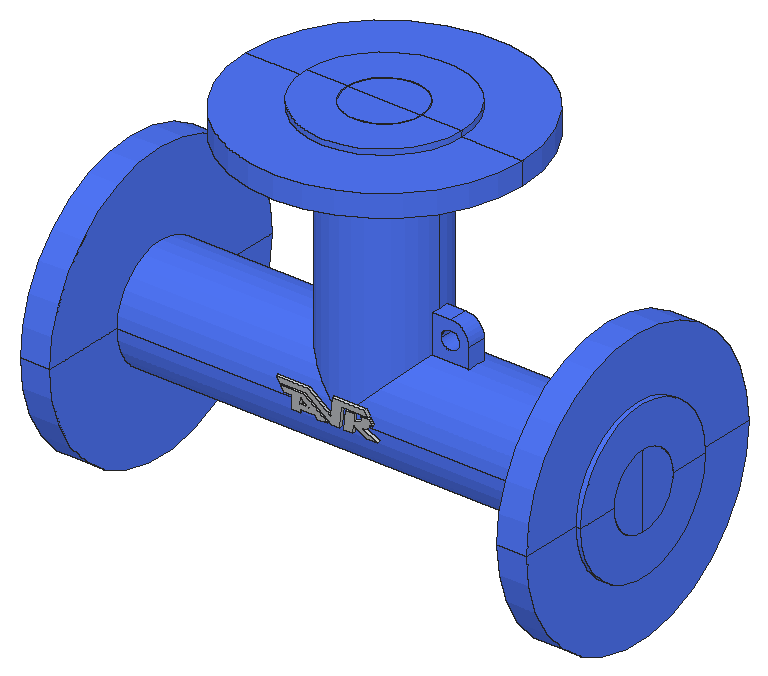
Revit family "712-1020-001-DN40-300", category Pipe Accessories, Revit 2019
Family settings
  Round Connector Dimension = Use Diameter
  Part Type = Valve - Breaks Into
  Work Plane-Based = No
  Always vertical = Yes
  Cut with Voids When Loaded = No
  Shared = No
Parameters (values of type "712-0040-10-201_DN40_PN10/16")
  Search_Table = "712-1020-001-DN40-300"
  Rib = if([Nominal Diameter (DN)] > 249.00 mm, 30.00 mm, if([Nominal Diameter (DN)] > 199.00 mm, 25.00 mm, if([Nominal Diameter (DN)] > 149.00 mm, 20.00 mm, if([Nominal Diameter (DN)] > 124.00 mm, 15.00 mm, if([Nominal Diameter (DN)] > 79.00 mm, 10.00 mm, 10.00 mm)))))  # 10.00 mm
  Rf_Dia = size_lookup(Search_Table, "Rf_Dia", 0.00 mm, [Nominal Diameter (DN)]) / 2  # 42.00 mm
  RF_Thick = 3.00 mm  # constant formula
  L = size_lookup(Search_Table, "L", 0.00 mm, [Nominal Diameter (DN)])  # 280.00 mm
  ID2 = DN2 / 2  # 20.00 mm
  ID = [Nominal Diameter (DN)] / 2  # 20.00 mm
  Hook_2 = ID2 + Body_wallthickness + 20.00 mm  # 50.00 mm
  Hook = ID + Body_wallthickness + 20.00 mm  # 50.00 mm
  H = size_lookup(Search_Table, "H", 0.00 mm, [Nominal Diameter (DN)])  # 140.00 mm
  Flange_thickness = size_lookup(Search_Table, "Flange_thickness", 0.00 mm, [Nominal Diameter (DN)])  # 19.00 mm
  Nominal Diameter (DN) = 40.00 mm
  FOD = size_lookup(Search_Table, "FOD", 0.00 mm, [Nominal Diameter (DN)]) / 2  # 75.00 mm
  URL product pages = "https://www.avkvalves.com/P.aspx?no=712004010201"
  Description_ = "AVK FLANGED TEE W/LOOSE FLANGES"
  DN2 = size_lookup(Search_Table, "DN2", 0.00 mm, [Nominal Diameter (DN)])  # 40.00 mm
  712-0306-10-201 = "DN300_PN10/16"
  712-0306-10-200 = "DN300_PN10/16"
  712-0305-10-201 = "DN300_PN10/16"
  712-0305-10-200 = "DN300_PN10/16"
  712-0303-10-201 = "DN300_PN10/16"
  712-0303-10-200 = "DN300_PN10/16"
  712-0302-10-201 = "DN300_PN10/16"
  712-0302-10-200 = "DN300_PN10/16"
  712-0301-10-201 = "DN300_PN10/16"
  712-0301-10-200 = "DN300_PN10/16"
  712-0300-10-201 = "DN300_PN10/16"
  712-0300-10-200 = "DN300_PN10/16"
  712-0256-10-201 = "DN250_PN10/16"
  712-0256-10-200 = "DN250_PN10/16"
  712-0255-10-201 = "DN250_PN10/16"
  712-0255-10-200 = "DN250_PN10/16"
  712-0254-10-201 = "DN250_PN10/16"
  712-0254-10-200 = "DN250_PN10/16"
  712-0253-10-201 = "DN250_PN10/16"
  712-0253-10-200 = "DN250_PN10/16"
  712-0252-10-201 = "DN250_PN10/16"
  712-0252-10-200 = "DN250_PN10/16"
  712-0251-10-201 = "DN250_PN10/16"
  712-0251-10-200 = "DN250_PN10/16"
  712-0250-10-201 = "DN250_PN10/16"
  712-0250-10-200 = "DN250_PN10/16"
  712-0207-10-200 = "DN200_PN10/16"
  712-0206-10-201 = "DN200_PN10/16"
  712-0206-10-200 = "DN200_PN10/16"
  712-0205-10-201 = "DN200_PN10/16"
  712-0205-10-200 = "DN200_PN10/16"
  712-0204-10-201 = "DN200_PN10/16"
  712-0204-10-200 = "DN200_PN10/16"
  712-0203-10-201 = "DN200_PN10/16"
  712-0203-10-200 = "DN200_PN10/16"
  712-0202-10-201 = "DN200_PN10/16"
  712-0202-10-200 = "DN200_PN10/16"
  712-0201-10-201 = "DN200_PN10/16"
  712-0201-10-200 = "DN200_PN10/16"
  712-0200-10-201 = "DN200_PN10/16"
  712-0200-10-200 = "DN200_PN10/16"
  712-0156-10-201 = "DN150_PN10/16"
  712-0155-10-201 = "DN150_PN10/16"
  712-0154-10-201 = "DN150_PN10/16"
  712-0153-10-201 = "DN150_PN10/16"
  712-0152-10-201 = "DN150_PN10/16"
  712-0151-10-201 = "DN150_PN10/16"
  712-0150-10-201 = "DN150_PN10/16"
  712-0130-10-201 = "DN125_PN10/16"
  712-0129-10-201 = "DN125_PN10/16"
  712-0128-10-201 = "DN125_PN10/16"
  712-0127-10-201 = "DN125_PN10/16"
  712-0126-10-201 = "DN125_PN10/16"
  712-0125-10-201 = "DN125_PN10/16"
  712-0104-10-201 = "DN100_PN10/16"
  712-0103-10-201 = "DN100_PN10/16"
  712-0102-10-201 = "DN100_PN10/16"
  712-0101-10-201 = "DN100_PN10/16"
  712-0100-10-201 = "DN100_PN10/16"
  712-0083-10-201 = "DN80_PN10/16"
  712-0082-10-201 = "DN80_PN10/16"
  712-0081-10-201 = "DN80_PN10/16"
  712-0080-10-201 = "DN80_PN10/16"
  712-0067-10-201 = "DN65_PN10/16"
  712-0066-10-201 = "DN65_PN10/16"
  712-0065-10-201 = "DN65_PN10/16"
  712-0051-10-201 = "DN50_PN10/16"
  712-0050-10-201 = "DN50_PN10/16"
  712-0040-10-201 = "DN40_PN10/16"
  Ch = (Rf_Dia + ID) / 2  # 31.00 mm
  Body_wallthickness = 10.00 mm  # constant formula
Types (70, lengths in mm): name | Rib | Rf_Dia | L | ID2 | ID | Hook_2 | Hook | H | Flange_thickness | Nominal Diameter (DN) | FOD | URL product pages | Description_ | DN2 | Ch
  (no name) | 10.00 | 42.00 | 280.00 | 20.00 | 20.00 | 50.00 | 50.00 | 140.00 | 19.00 | 40.00 | 75.00 | "https://www.avkvalves.com/P.aspx?no=712004010201" | "AVK FLANGED TEE W/LOOSE FLANGES" | 40.00 | 31.00
  712-0040-10-201_DN40_PN10/16 | 10.00 | 42.00 | 280.00 | 20.00 | 20.00 | 50.00 | 50.00 | 140.00 | 19.00 | 40.00 | 75.00 | "https://www.avkvalves.com/P.aspx?no=712004010201" | "AVK FLANGED TEE W/LOOSE FLANGES" | 40.00 | 31.00
  712-0050-10-201_DN50_PN10/16 | 10.00 | 49.50 | 300.00 | 25.00 | 25.00 | 55.00 | 55.00 | 150.00 | 19.00 | 50.00 | 82.50 | "https://www.avkvalves.com/P.aspx?no=712004010201" | "AVK FLANGED TEE W/LOOSE FLANGES" | 50.00 | 37.25
  712-0051-10-201_DN50_PN10/16 | 10.00 | 49.50 | 300.00 | 20.00 | 25.05 | 50.00 | 55.05 | 140.00 | 19.00 | 50.10 | 82.50 | "https://www.avkvalves.com/P.aspx?no=712004010201" | "AVK FLANGED TEE W/LOOSE FLANGES" | 40.00 | 37.275
  712-0065-10-201_DN65_PN10/16 | 10.00 | 59.00 | 320.00 | 32.50 | 32.50 | 62.50 | 62.50 | 160.00 | 19.00 | 65.00 | 92.50 | "https://www.avkvalves.com/P.aspx?no=712004010201" | "AVK FLANGED TEE W/LOOSE FLANGES" | 65.00 | 45.75
  712-0066-10-201_DN65_PN10/16 | 10.00 | 59.00 | 330.00 | 25.00 | 32.55 | 55.00 | 62.55 | 150.00 | 19.00 | 65.10 | 92.50 | "https://www.avkvalves.com/P.aspx?no=712004010201" | "AVK FLANGED TEE W/LOOSE FLANGES" | 50.00 | 45.775
  712-0067-10-201_DN65_PN10/16 | 10.00 | 59.00 | 300.00 | 20.00 | 32.60 | 50.00 | 62.60 | 130.00 | 19.00 | 65.20 | 92.50 | "https://www.avkvalves.com/P.aspx?no=712004010201" | "AVK FLANGED TEE W/LOOSE FLANGES" | 40.00 | 45.80
  712-0080-10-201_DN80_PN10/16 | 10.00 | 66.00 | 330.00 | 40.00 | 40.00 | 70.00 | 70.00 | 165.00 | 19.00 | 80.00 | 100.00 | "https://www.avkvalves.com/P.aspx?no=712004010201" | "AVK FLANGED TEE W/LOOSE FLANGES" | 80.00 | 53.00
  712-0081-10-201_DN80_PN10/16 | 10.00 | 66.00 | 310.00 | 32.50 | 40.05 | 62.50 | 70.05 | 155.00 | 19.00 | 80.10 | 100.00 | "https://www.avkvalves.com/P.aspx?no=712004010201" | "AVK FLANGED TEE W/LOOSE FLANGES" | 65.00 | 53.025
  712-0082-10-201_DN80_PN10/16 | 10.00 | 66.00 | 330.00 | 25.00 | 40.10 | 55.00 | 70.10 | 165.00 | 19.00 | 80.20 | 100.00 | "https://www.avkvalves.com/P.aspx?no=712004010201" | "AVK FLANGED TEE W/LOOSE FLANGES" | 50.00 | 53.05
  712-0083-10-201_DN80_PN10/16 | 10.00 | 66.00 | 310.00 | 20.00 | 40.15 | 50.00 | 70.15 | 140.00 | 19.00 | 80.30 | 100.00 | "https://www.avkvalves.com/P.aspx?no=712004010201" | "AVK FLANGED TEE W/LOOSE FLANGES" | 40.00 | 53.075
  712-0100-10-201_DN100_PN10/16 | 10.00 | 78.00 | 360.00 | 50.00 | 50.00 | 80.00 | 80.00 | 180.00 | 19.00 | 100.00 | 110.00 | "https://www.avkvalves.com/P.aspx?no=712004010201" | "AVK FLANGED TEE W/LOOSE FLANGES" | 100.00 | 64.00
  712-0101-10-201_DN100_PN10/16 | 10.00 | 78.00 | 360.00 | 40.00 | 50.05 | 70.00 | 80.05 | 175.00 | 19.00 | 100.10 | 110.00 | "https://www.avkvalves.com/P.aspx?no=712004010201" | "AVK FLANGED TEE W/LOOSE FLANGES" | 80.00 | 64.025
  712-0102-10-201_DN100_PN10/16 | 10.00 | 78.00 | 320.00 | 32.50 | 50.10 | 62.50 | 80.10 | 165.00 | 19.00 | 100.20 | 110.00 | "https://www.avkvalves.com/P.aspx?no=712004010201" | "AVK FLANGED TEE W/LOOSE FLANGES" | 65.00 | 64.05
  712-0103-10-201_DN100_PN10/16 | 10.00 | 78.00 | 360.00 | 25.00 | 50.15 | 55.00 | 80.15 | 160.00 | 19.00 | 100.30 | 110.00 | "https://www.avkvalves.com/P.aspx?no=712004010201" | "AVK FLANGED TEE W/LOOSE FLANGES" | 50.00 | 64.075
  712-0104-10-201_DN100_PN10/16 | 10.00 | 78.00 | 320.00 | 20.00 | 50.20 | 50.00 | 80.20 | 145.00 | 19.00 | 100.40 | 110.00 | "https://www.avkvalves.com/P.aspx?no=712004010201" | "AVK FLANGED TEE W/LOOSE FLANGES" | 40.00 | 64.10
  712-0125-10-201_DN125_PN10/16 | 15.00 | 92.00 | 400.00 | 62.50 | 62.50 | 92.50 | 92.50 | 200.00 | 19.00 | 125.00 | 125.00 | "https://www.avkvalves.com/P.aspx?no=712008015201" | "AVK CROSS Loose flange" | 125.00 | 77.25
  712-0126-10-201_DN125_PN10/16 | 15.00 | 92.00 | 400.00 | 50.00 | 62.55 | 80.00 | 92.55 | 195.00 | 19.00 | 125.10 | 125.00 | "https://www.avkvalves.com/P.aspx?no=712004010201" | "AVK FLANGED TEE W/LOOSE FLANGES" | 100.00 | 77.275
  712-0127-10-201_DN125_PN10/16 | 15.00 | 92.00 | 400.00 | 40.00 | 62.60 | 70.00 | 92.60 | 190.00 | 19.00 | 125.20 | 125.00 | "https://www.avkvalves.com/P.aspx?no=712004010201" | "AVK FLANGED TEE W/LOOSE FLANGES" | 80.00 | 77.30
  712-0128-10-201_DN125_PN10/16 | 15.00 | 92.00 | 330.00 | 32.50 | 62.65 | 62.50 | 92.65 | 180.00 | 19.00 | 125.30 | 125.00 | "https://www.avkvalves.com/P.aspx?no=712004010201" | "AVK FLANGED TEE W/LOOSE FLANGES" | 65.00 | 77.325
  712-0129-10-201_DN125_PN10/16 | 15.00 | 92.00 | 400.00 | 25.00 | 62.70 | 55.00 | 92.70 | 175.00 | 19.00 | 125.40 | 125.00 | "https://www.avkvalves.com/P.aspx?no=712004010201" | "AVK FLANGED TEE W/LOOSE FLANGES" | 50.00 | 77.35
  712-0130-10-201_DN125_PN10/16 | 15.00 | 92.00 | 330.00 | 20.00 | 62.75 | 50.00 | 92.75 | 160.00 | 19.00 | 125.50 | 125.00 | "https://www.avkvalves.com/P.aspx?no=712004010201" | "AVK FLANGED TEE W/LOOSE FLANGES" | 40.00 | 77.375
  712-0150-10-201_DN150_PN10/16 | 20.00 | 105.50 | 440.00 | 75.00 | 75.00 | 105.00 | 105.00 | 220.00 | 20.00 | 150.00 | 142.50 | "https://www.avkvalves.com/P.aspx?no=712004010201" | "AVK FLANGED TEE W/LOOSE FLANGES" | 150.00 | 90.25
  712-0151-10-201_DN150_PN10/16 | 20.00 | 105.50 | 440.00 | 62.50 | 75.05 | 92.50 | 105.05 | 215.00 | 20.00 | 150.10 | 142.50 | "https://www.avkvalves.com/P.aspx?no=712004010201" | "AVK FLANGED TEE W/LOOSE FLANGES" | 125.00 | 90.275
  712-0152-10-201_DN150_PN10/16 | 20.00 | 105.50 | 440.00 | 50.00 | 75.10 | 80.00 | 105.10 | 210.00 | 20.00 | 150.20 | 142.50 | "https://www.avkvalves.com/P.aspx?no=712004010201" | "AVK FLANGED TEE W/LOOSE FLANGES" | 100.00 | 90.30
  712-0153-10-201_DN150_PN10/16 | 20.00 | 105.50 | 440.00 | 40.00 | 75.15 | 70.00 | 105.15 | 205.00 | 20.00 | 150.30 | 142.50 | "https://www.avkvalves.com/P.aspx?no=712004010201" | "AVK FLANGED TEE W/LOOSE FLANGES" | 80.00 | 90.325
  712-0154-10-201_DN150_PN10/16 | 20.00 | 105.50 | 440.00 | 32.50 | 75.20 | 62.50 | 105.20 | 190.00 | 20.00 | 150.40 | 142.50 | "https://www.avkvalves.com/P.aspx?no=712004010201" | "AVK FLANGED TEE W/LOOSE FLANGES" | 65.00 | 90.35
  712-0155-10-201_DN150_PN10/16 | 20.00 | 105.50 | 440.00 | 25.00 | 75.25 | 55.00 | 105.25 | 185.00 | 20.00 | 150.50 | 142.50 | "https://www.avkvalves.com/P.aspx?no=712004010201" | "AVK FLANGED TEE W/LOOSE FLANGES" | 50.00 | 90.375
  712-0156-10-201_DN150_PN10/16 | 20.00 | 105.50 | 440.00 | 20.00 | 75.30 | 50.00 | 105.30 | 190.00 | 20.00 | 150.60 | 142.50 | "https://www.avkvalves.com/P.aspx?no=712004010201" | "AVK FLANGED TEE W/LOOSE FLANGES" | 40.00 | 90.40
  712-0200-10-200_DN200_PN10/16 | 25.00 | 133.00 | 520.00 | 100.00 | 100.00 | 130.00 | 130.00 | 260.00 | 20.00 | 200.00 | 170.00 | "https://www.avkvalves.com/P.aspx?no=712004010201" | "AVK FLANGED TEE W/LOOSE FLANGES" | 200.00 | 116.50
  712-0200-10-201_DN200_PN10/16 | 25.00 | 133.00 | 520.00 | 100.00 | 100.05 | 130.00 | 130.05 | 260.00 | 20.00 | 200.10 | 170.00 | "https://www.avkvalves.com/P.aspx?no=712004010201" | "AVK FLANGED TEE W/LOOSE FLANGES" | 200.00 | 116.525
  712-0201-10-200_DN200_PN10/16 | 25.00 | 133.00 | 520.00 | 75.00 | 100.10 | 105.00 | 130.10 | 250.00 | 20.00 | 200.20 | 170.00 | "https://www.avkvalves.com/P.aspx?no=712004010201" | "AVK FLANGED TEE W/LOOSE FLANGES" | 150.00 | 116.55
  712-0201-10-201_DN200_PN10/16 | 25.00 | 133.00 | 520.00 | 75.00 | 100.15 | 105.00 | 130.15 | 250.00 | 20.00 | 200.30 | 170.00 | "https://www.avkvalves.com/P.aspx?no=712004010201" | "AVK FLANGED TEE W/LOOSE FLANGES" | 150.00 | 116.575
  712-0202-10-200_DN200_PN10/16 | 25.00 | 133.00 | 435.00 | 62.50 | 100.20 | 92.50 | 130.20 | 240.00 | 20.00 | 200.40 | 170.00 | "https://www.avkvalves.com/P.aspx?no=712004010201" | "AVK FLANGED TEE W/LOOSE FLANGES\r\nAVK FLANGED TEE W/LOOSE FLANGES" | 125.00 | 116.60
  712-0202-10-201_DN200_PN10/16 | 25.00 | 133.00 | 435.00 | 62.50 | 100.25 | 92.50 | 130.25 | 240.00 | 20.00 | 200.50 | 170.00 | "https://www.avkvalves.com/P.aspx?no=712004010201" | "AVK FLANGED TEE W/LOOSE FLANGES" | 125.00 | 116.625
  712-0203-10-200_DN200_PN10/16 | 25.00 | 133.00 | 520.00 | 50.00 | 100.30 | 80.00 | 130.30 | 240.00 | 20.00 | 200.60 | 170.00 | "https://www.avkvalves.com/P.aspx?no=712004010201" | "AVK FLANGED TEE W/LOOSE FLANGES" | 100.00 | 116.65
  712-0203-10-201_DN200_PN10/16 | 25.00 | 133.00 | 520.00 | 50.00 | 100.35 | 80.00 | 130.35 | 240.00 | 20.00 | 200.70 | 170.00 | "https://www.avkvalves.com/P.aspx?no=712004010201" | "AVK FLANGED TEE W/LOOSE FLANGES" | 100.00 | 116.675
  712-0204-10-200_DN200_PN10/16 | 25.00 | 133.00 | 520.00 | 40.00 | 100.40 | 70.00 | 130.40 | 235.00 | 20.00 | 200.80 | 170.00 | "https://www.avkvalves.com/P.aspx?no=712004010201" | "AVK FLANGED TEE W/LOOSE FLANGES" | 80.00 | 116.70
  712-0204-10-201_DN200_PN10/16 | 25.00 | 133.00 | 520.00 | 40.00 | 100.45 | 70.00 | 130.45 | 235.00 | 20.00 | 200.90 | 170.00 | "https://www.avkvalves.com/P.aspx?no=712004010201" | "AVK FLANGED TEE W/LOOSE FLANGES" | 80.00 | 116.725
  712-0205-10-200_DN200_PN10/16 | 25.00 | 133.00 | 365.00 | 32.50 | 100.055 | 62.50 | 130.055 | 215.00 | 20.00 | 200.11 | 170.00 | "https://www.avkvalves.com/P.aspx?no=712004010201" | "AVK FLANGED TEE W/LOOSE FLANGES" | 65.00 | 116.528
  712-0205-10-201_DN200_PN10/16 | 25.00 | 133.00 | 365.00 | 32.50 | 100.06 | 62.50 | 130.06 | 215.00 | 20.00 | 200.12 | 170.00 | "https://www.avkvalves.com/P.aspx?no=712004010201" | "AVK FLANGED TEE W/LOOSE FLANGES" | 65.00 | 116.53
  712-0206-10-200_DN200_PN10/16 | 25.00 | 133.00 | 520.00 | 25.00 | 100.065 | 55.00 | 130.065 | 220.00 | 20.00 | 200.13 | 170.00 | "https://www.avkvalves.com/P.aspx?no=712004010201" | "AVK FLANGED TEE W/LOOSE FLANGES" | 50.00 | 116.532
  712-0206-10-201_DN200_PN10/16 | 25.00 | 133.00 | 520.00 | 25.00 | 100.07 | 55.00 | 130.07 | 220.00 | 20.00 | 200.14 | 170.00 | "https://www.avkvalves.com/P.aspx?no=712004010201" | "AVK FLANGED TEE W/LOOSE FLANGES" | 50.00 | 116.535
  712-0207-10-200_DN200_PN10/16 | 25.00 | 133.00 | 365.00 | 20.00 | 100.075 | 50.00 | 130.075 | 195.00 | 20.00 | 200.15 | 170.00 | "https://www.avkvalves.com/P.aspx?no=712004010201" | "AVK FLANGED TEE W/LOOSE FLANGES" | 40.00 | 116.538
  712-0250-10-200_DN250_PN10/16 | 30.00 | 159.50 | 700.00 | 125.00 | 125.05 | 155.00 | 155.05 | 350.00 | 22.00 | 250.10 | 200.00 | "https://www.avkvalves.com/P.aspx?no=712004010201" | "AVK FLANGED TEE W/LOOSE FLANGES" | 250.00 | 142.275
  712-0250-10-201_DN250_PN10/16 | 30.00 | 159.50 | 700.00 | 125.00 | 125.10 | 155.00 | 155.10 | 350.00 | 22.00 | 250.20 | 200.00 | "https://www.avkvalves.com/P.aspx?no=712004010201" | "AVK FLANGED TEE W/LOOSE FLANGES" | 250.00 | 142.30
  712-0251-10-200_DN250_PN10/16 | 30.00 | 159.50 | 700.00 | 100.00 | 125.15 | 130.00 | 155.15 | 325.00 | 22.00 | 250.30 | 200.00 | "https://www.avkvalves.com/P.aspx?no=712004010201" | "AVK FLANGED TEE W/LOOSE FLANGES" | 200.00 | 142.325
  712-0251-10-201_DN250_PN10/16 | 30.00 | 159.50 | 700.00 | 100.00 | 125.20 | 130.00 | 155.20 | 325.00 | 22.00 | 250.40 | 200.00 | "https://www.avkvalves.com/P.aspx?no=712004010201" | "AVK FLANGED TEE W/LOOSE FLANGES" | 200.00 | 142.35
  712-0252-10-200_DN250_PN10/16 | 30.00 | 159.50 | 485.00 | 75.00 | 125.25 | 105.00 | 155.25 | 280.00 | 22.00 | 250.50 | 200.00 | "https://www.avkvalves.com/P.aspx?no=712004010201" | "AVK FLANGED TEE W/LOOSE FLANGES" | 150.00 | 142.375
  712-0252-10-201_DN250_PN10/16 | 30.00 | 159.50 | 485.00 | 75.00 | 125.30 | 105.00 | 155.30 | 280.00 | 22.00 | 250.60 | 200.00 | "https://www.avkvalves.com/P.aspx?no=712004010201" | "AVK FLANGED TEE W/LOOSE FLANGES" | 150.00 | 142.40
  712-0253-10-200_DN250_PN10/16 | 30.00 | 159.50 | 460.00 | 62.50 | 125.35 | 92.50 | 155.35 | 275.00 | 22.00 | 250.70 | 200.00 | "https://www.avkvalves.com/P.aspx?no=712004010201" | "AVK FLANGED TEE W/LOOSE FLANGES" | 125.00 | 142.425
  712-0253-10-201_DN250_PN10/16 | 30.00 | 159.50 | 460.00 | 62.50 | 125.40 | 92.50 | 155.40 | 275.00 | 22.00 | 250.80 | 200.00 | "https://www.avkvalves.com/P.aspx?no=712004010201" | "AVK FLANGED TEE W/LOOSE FLANGES" | 125.00 | 142.45
  712-0254-10-200_DN250_PN10/16 | 30.00 | 159.50 | 700.00 | 50.00 | 125.45 | 80.00 | 155.45 | 275.00 | 22.00 | 250.90 | 200.00 | "https://www.avkvalves.com/P.aspx?no=712004010201" | "AVK FLANGED TEE W/LOOSE FLANGES" | 100.00 | 142.475
  712-0254-10-201_DN250_PN10/16 | 30.00 | 159.50 | 700.00 | 50.00 | 125.055 | 80.00 | 155.055 | 275.00 | 22.00 | 250.11 | 200.00 | "https://www.avkvalves.com/P.aspx?no=712004010201" | "AVK FLANGED TEE W/LOOSE FLANGES" | 100.00 | 142.278
  712-0255-10-200_DN250_PN10/16 | 30.00 | 159.50 | 405.00 | 40.00 | 125.06 | 70.00 | 155.06 | 265.00 | 22.00 | 250.12 | 200.00 | "https://www.avkvalves.com/P.aspx?no=712004010201" | "AVK FLANGED TEE W/LOOSE FLANGES" | 80.00 | 142.28
  712-0255-10-201_DN250_PN10/16 | 30.00 | 159.50 | 405.00 | 40.00 | 125.065 | 70.00 | 155.065 | 265.00 | 22.00 | 250.13 | 200.00 | "https://www.avkvalves.com/P.aspx?no=712004010201" | "AVK FLANGED TEE W/LOOSE FLANGES" | 80.00 | 142.283
  712-0256-10-200_DN250_PN10/16 | 30.00 | 159.50 | 385.00 | 32.50 | 125.07 | 62.50 | 155.07 | 260.00 | 22.00 | 250.14 | 200.00 | "https://www.avkvalves.com/P.aspx?no=712004010201" | "AVK FLANGED TEE W/LOOSE FLANGES" | 65.00 | 142.285
  712-0256-10-201_DN250_PN10/16 | 30.00 | 159.50 | 385.00 | 32.50 | 125.075 | 62.50 | 155.075 | 260.00 | 22.00 | 250.15 | 200.00 | "https://www.avkvalves.com/P.aspx?no=712004010201" | "AVK FLANGED TEE W/LOOSE FLANGES" | 65.00 | 142.287
  712-0300-10-200_DN300_PN10/16 | 30.00 | 185.00 | 800.00 | 150.00 | 150.05 | 180.00 | 180.05 | 400.00 | 24.00 | 300.10 | 227.50 | "https://www.avkvalves.com/P.aspx?no=712004010201" | "AVK FLANGED TEE W/LOOSE FLANGES" | 300.00 | 167.525
  712-0300-10-201_DN300_PN10/16 | 30.00 | 185.00 | 800.00 | 150.00 | 150.10 | 180.00 | 180.10 | 400.00 | 24.00 | 300.20 | 227.50 | "https://www.avkvalves.com/P.aspx?no=712004010201" | "AVK FLANGED TEE W/LOOSE FLANGES" | 300.00 | 167.55
  712-0301-10-200_DN300_PN10/16 | 30.00 | 185.00 | 620.00 | 125.00 | 150.15 | 155.00 | 180.15 | 330.00 | 24.00 | 300.30 | 227.50 | "https://www.avkvalves.com/P.aspx?no=712004010201" | "AVK FLANGED TEE W/LOOSE FLANGES" | 250.00 | 167.575
  712-0301-10-201_DN300_PN10/16 | 30.00 | 185.00 | 620.00 | 125.00 | 150.20 | 155.00 | 180.20 | 330.00 | 24.00 | 300.40 | 227.50 | "https://www.avkvalves.com/P.aspx?no=712004010201" | "AVK FLANGED TEE W/LOOSE FLANGES" | 250.00 | 167.60
  712-0302-10-200_DN300_PN10/16 | 30.00 | 185.00 | 800.00 | 100.00 | 150.25 | 130.00 | 180.25 | 350.00 | 24.00 | 300.50 | 227.50 | "https://www.avkvalves.com/P.aspx?no=712004010201" | "AVK FLANGED TEE W/LOOSE FLANGES" | 200.00 | 167.625
  712-0302-10-201_DN300_PN10/16 | 30.00 | 185.00 | 800.00 | 100.00 | 150.30 | 130.00 | 180.30 | 350.00 | 24.00 | 300.60 | 227.50 | "https://www.avkvalves.com/P.aspx?no=712004010201" | "AVK FLANGED TEE W/LOOSE FLANGES" | 200.00 | 167.65
  712-0303-10-200_DN300_PN10/16 | 30.00 | 185.00 | 505.00 | 75.00 | 150.35 | 105.00 | 180.35 | 300.00 | 24.00 | 300.70 | 227.50 | "https://www.avkvalves.com/P.aspx?no=712004010201" | "AVK FLANGED TEE W/LOOSE FLANGES" | 150.00 | 167.675
  712-0303-10-201_DN300_PN10/16 | 30.00 | 185.00 | 505.00 | 75.00 | 150.40 | 105.00 | 180.40 | 300.00 | 24.00 | 300.80 | 227.50 | "https://www.avkvalves.com/P.aspx?no=712004010201" | "AVK FLANGED TEE W/LOOSE FLANGES" | 150.00 | 167.70
  712-0305-10-200_DN300_PN10/16 | 30.00 | 185.00 | 800.00 | 50.00 | 150.45 | 80.00 | 180.45 | 300.00 | 24.00 | 300.90 | 227.50 | "https://www.avkvalves.com/P.aspx?no=712004010201" | "AVK FLANGED TEE W/LOOSE FLANGES" | 100.00 | 167.725
  712-0305-10-201_DN300_PN10/16 | 30.00 | 185.00 | 800.00 | 50.00 | 150.055 | 80.00 | 180.055 | 300.00 | 24.00 | 300.11 | 227.50 | "https://www.avkvalves.com/P.aspx?no=712004010201" | "AVK FLANGED TEE W/LOOSE FLANGES" | 100.00 | 167.528
  712-0306-10-200_DN300_PN10/16 | 30.00 | 185.00 | 425.00 | 40.00 | 150.06 | 70.00 | 180.06 | 295.00 | 24.00 | 300.12 | 227.50 | "https://www.avkvalves.com/P.aspx?no=712004010201" | "AVK FLANGED TEE W/LOOSE FLANGES" | 80.00 | 167.53
  712-0306-10-201_DN300_PN10/16 | 30.00 | 185.00 | 425.00 | 40.00 | 150.065 | 70.00 | 180.065 | 295.00 | 24.00 | 300.13 | 227.50 | "https://www.avkvalves.com/P.aspx?no=712004010201" | "AVK FLANGED TEE W/LOOSE FLANGES" | 80.00 | 167.532
Reference planes
  plane 1 "Center (Front/Back)": y = 0
  plane 2: z = 0
  plane 3 "Center (Left/Right)": x = 0
  plane 4: y = 20
  plane 5: x = -140
  plane 6: x = -121
  plane 7: x = 121
  plane 8: x = 140
  plane 9: y = 30
  plane 10: y = 75
  plane 11: x = -140
  plane 12: x = 140
  plane 13: y = 5
  plane 14: y = -5
Forms (mm)
  Revolve 1, solid, material "Plastic"
    sketch origin (0, 0, 0) x (1, 0, 0) y (0, 1, 0)
      loop
        line (-121, 75) -> (-140, 75) -> (-140, 20) -> (140, 20) -> (140, 75) -> (121, 75) -> (121, 30) -> (-121, 30) -> (-121, 75)
      axis (-140, 0) -> (140, 0)
    angle from 0 to 360
  Revolve 2, void
    sketch origin (0, 0, 0) x (1, 0, 0) y (0, 1, 0)
      loop
        line (140, 75) -> (137, 75) -> (137, 42) -> (140, 42) -> (140, 75)
      loop
        line (-140, 75) -> (-140, 42) -> (-137, 42) -> (-137, 75) -> (-140, 75)
      axis (-140, 0) -> (140, 0)
    angle from 0 to 360
  Revolve 3, solid, material "Plastic"
    sketch origin (0, 0, 0) x (1, 0, 0) y (0, 0, 1)
      loop
        line (75, 125) -> (75, 140) -> (20, 140) -> (20, 0) -> (30, 0) -> (30, 125) -> (75, 125)
      axis (0, 0) -> (0, 140)
    angle from 0 to 360
  Revolve 4, void
    sketch origin (0, 0, 0) x (1, 0, 0) y (0, 0, 1)
      loop
        line (75, 140) -> (74.5, 140) -> (74.5, 137) -> (75, 137) -> (75, 140)
      axis (0, 137) -> (0, 140)
    angle from 0 to 360
  Extrusion 5, solid, material "Plastic(1)"
    sketch origin (0, 0, 0) x (1, 0, 0) y (0, 0, 1)
      loop
        line (0, 0) -> (50, 0) -> (50, 40)
        arc (50, 40) -> (47.071, 47.071) -> (40, 50) r 10
        line (40, 50) -> (0, 50) -> (0, 0)
      loop
        circle (40, 40) r 5
    from -5 to 5
  Revolve 6, void
    sketch origin (0, 0, 0) x (1, 0, 0) y (0, 0, 1)
      loop
        line (-140, 20) -> (-140, 0) -> (140, 0) -> (140, 20) -> (-140, 20)
      axis (-140, 0) -> (140, 0)
    angle from 0 to 360
  Revolve 7, void
    sketch origin (0, 0, 0) x (1, 0, 0) y (0, 0, 1)
      loop
        line (75, 140) -> (42, 140) -> (42, 137) -> (75, 137) -> (75, 140)
      axis (0, 137) -> (0, 140)
    angle from 0 to 360
  Revolve 8, solid, material "Plastic"
    sketch origin (0, 0, 0) x (1, 0, 0) y (0, 0, 1)
      loop
        line (-140, 20) -> (-140, 0) -> (-121, 0) -> (-121, 20) -> (-140, 20)
      loop
        line (140, 20) -> (121, 20) -> (121, 0) -> (140, 0) -> (140, 20)
      axis (-140, 0) -> (140, 0)
    angle from 0 to 360
  Revolve 9, solid, material "Plastic"
    sketch origin (0, 0, 0) x (1, 0, 0) y (0, 0, 1)
      loop
        line (20, 140) -> (0, 140) -> (0, 125) -> (20, 125) -> (20, 140)
      axis (0, 125) -> (0, 140)
    angle from 0 to 360
Cuts and joins
  Revolve 2, Revolve 6 cuts Revolve 1
  Revolve 4, Revolve 7 cuts Revolve 3
  Revolve 6 cuts Extrusion 5
Dimensions and locks
  "Flange_thickness": plane 7 to plane 8
  equal spacing: plane 5, plane 3 "Center (Left/Right)", plane 8
  "L": plane 5 to plane 8
  "ID": plane 1 "Center (Front/Back)" to plane 4
  "Flange_thickness": plane 5 to plane 6
  "Body_wallthickness": plane 9 to plane 4
  "FOD": plane 1 "Center (Front/Back)" to plane 10
  "RF_Thick": Revolve 2 sketch curve to Revolve 2 sketch curve
  "Rf_Dia": plane 1 "Center (Front/Back)" to Revolve 2 sketch curve
  "FOD": plane 1 "Center (Front/Back)" to Revolve 2 sketch curve
  "RF_Thick": Revolve 1 to Revolve 2 sketch curve
  Revolve 3 sketch curve to Revolve 3 sketch curve = 15.00 mm
  "FOD": Revolve 3 sketch curve to plane 3 "Center (Left/Right)"
  Revolve 3 sketch curve to level = 140.00 mm
  "H": Revolve 3 sketch curve to level
  equal spacing: plane 12, plane 3 "Center (Left/Right)", plane 11
  "L": plane 12 to plane 11
  "Body_wallthickness": Revolve 3 sketch curve to Revolve 3 sketch curve
  "ID2": Revolve 3 sketch curve to plane 3 "Center (Left/Right)"
  "RF_Thick": Revolve 3 to Revolve 4 sketch curve
  "Hook": Extrusion 5 sketch curve to level
  "Hook_2": Extrusion 5 sketch curve to plane 3 "Center (Left/Right)"
  equal spacing: plane 13, plane 1 "Center (Front/Back)", plane 14
  locked: plane 13 to plane 14 at 10
  "ID": Revolve 6 sketch curve to level
  "RF_Thick": cut or joined group of Revolve 3, Revolve 4, Revolve 7 to Revolve 7 sketch curve
  "Rf_Dia": Revolve 7 sketch curve to plane 3 "Center (Left/Right)"
  "ID": Revolve 8 sketch curve to level
  cut or joined group of Revolve 3, Revolve 4, Revolve 7 to level = 140.00 mm
  aligned and locked: level to plane 2
  aligned and locked: plane 5 to Revolve 1 sketch curve
  aligned and locked: plane 6 to Revolve 1 sketch curve
  aligned and locked: plane 7 to Revolve 1 sketch curve
  aligned and locked: plane 8 to Revolve 1 sketch curve
  aligned and locked: plane 10 to Revolve 1 sketch curve  (x2)
  aligned and locked: Revolve 1 sketch curve to plane 10
  aligned and locked: plane 1 "Center (Front/Back)" to Revolve 1 sketch curve
  aligned and locked: Revolve 2 sketch curve to Revolve 1  (x2)
  aligned and locked: Revolve 2 sketch curve to Revolve 2 sketch curve  (x2)
  aligned and locked: plane 1 "Center (Front/Back)" to Revolve 2 sketch curve
  aligned and locked: plane 3 "Center (Left/Right)" to Revolve 3 sketch curve
  aligned and locked: Revolve 4 sketch curve to Revolve 3  (x2)
  aligned and locked: plane 3 "Center (Left/Right)" to Revolve 4 sketch curve
  aligned and locked: Extrusion 5 sketch curve to level
  aligned and locked: Extrusion 5 sketch curve to plane 3 "Center (Left/Right)"
  aligned and locked: plane 13 to Extrusion 5
  aligned and locked: Extrusion 5 to plane 14
  aligned and locked: Revolve 6 sketch curve to cut or joined group of Revolve 1, Revolve 2, Revolve 6  (x2)
  aligned and locked: cut or joined group of Revolve 1, Revolve 2, Revolve 6 to Revolve 6 sketch curve
  aligned and locked: Revolve 6 sketch curve to Revolve 6 sketch curve
  aligned and locked: plane 3 "Center (Left/Right)" to nested 1
  aligned and locked: Revolve 7 sketch curve to cut or joined group of Revolve 3, Revolve 4, Revolve 7  (x2)
  aligned and locked: plane 3 "Center (Left/Right)" to Revolve 7 sketch curve
  aligned and locked: Revolve 8 sketch curve to cut or joined group of Revolve 1, Revolve 2, Revolve 6  (x5)
  aligned and locked: cut or joined group of Revolve 1, Revolve 2, Revolve 6 to Revolve 8 sketch curve
  aligned and locked: Revolve 8 sketch curve to Revolve 8 sketch curve
  aligned and locked: Revolve 8 sketch curve to plane 2
  aligned and locked: cut or joined group of Revolve 3, Revolve 4, Revolve 7 to Revolve 9 sketch curve
  aligned and locked: Revolve 9 sketch curve to cut or joined group of Revolve 3, Revolve 4, Revolve 7  (x2)
  aligned and locked: Revolve 9 sketch curve to plane 3 "Center (Left/Right)"
  aligned and locked: plane 3 "Center (Left/Right)" to Revolve 9 sketch curve
Automatic sketch dimensions
  Revolve 9 sketch curve to Revolve 9 sketch curve = 20.00 mm  (x2)
  Revolve 1 sketch curve to plane 4 = 0.00 mm
  Revolve 1 sketch curve to plane 9 = 0.00 mm
  plane 6 to Revolve 1 sketch curve = 11.00 mm
  plane 3 "Center (Left/Right)" to Revolve 1 sketch curve = 15.00 mm
  Revolve 2 sketch curve to plane 3 "Center (Left/Right)" = 7.00 mm
  plane 3 "Center (Left/Right)" to Revolve 2 sketch curve = 18.00 mm
  Revolve 3 sketch curve to level = 0.00 mm
  Revolve 3 sketch curve to level = 15.00 mm
  Revolve 3 sketch curve to Revolve 3 sketch curve = 50.00 mm
  Revolve 4 sketch curve to Revolve 4 sketch curve = 0.50 mm
  level to Revolve 4 sketch curve = 67.00 mm
  Revolve 4 sketch curve to Revolve 4 sketch curve = 20.00 mm
  Extrusion 5 sketch curve to Extrusion 5 sketch curve = 0.00 mm  (x2)
  Extrusion 5 sketch curve to Extrusion 5 sketch curve = 10.00 mm
  Revolve 6 sketch curve to plane 3 "Center (Left/Right)" = 40.00 mm
  plane 3 "Center (Left/Right)" to Revolve 6 sketch curve = 45.00 mm
  Revolve 7 sketch curve to Revolve 7 sketch curve = 20.00 mm  (x2)
  Revolve 8 sketch curve to plane 3 "Center (Left/Right)" = 23.50 mm
  plane 3 "Center (Left/Right)" to Revolve 8 sketch curve = 26.50 mm
  radius of Extrusion 5 sketch curve = 5.00 mm
Nested families
  nested 1: "LOGO - Copy - Copy.0005" at (0, -26.918, -13.245) x (1, 0, 0) z (0, -0.8973, -0.4415), type "LOGO - Copy - Copy.0005"
Connectors
  piping at (140, 0, 0), diameter 40, driven by "Nominal Diameter (DN)"
    settings: on Revolve 1, index 1, connector inside diameter 609.6 mm, connector length 0.00 mm, flow factor 0, pipe flow 0.0 L/s, pressure drop 0.0 Pa, fitting loss kfactor 0, connector angle 0.00°, fixture units 0, engagement length 0.00 mm, angle of deflection 0.00°, flow configuration 0, flow direction 0, fitting loss method 0, system type 7, joint type 0, gender type 0, connector reference index -1, connector utility 0, adjustable connector no, is connector primary yes, connector description ""
  piping at (-140, 0, 0), diameter 40, driven by "Nominal Diameter (DN)"
    settings: on Revolve 1, index 2, connector inside diameter 609.6 mm, connector length 0.00 mm, flow factor 0, pipe flow 0.0 L/s, pressure drop 0.0 Pa, fitting loss kfactor 0, connector angle 0.00°, fixture units 0, engagement length 0.00 mm, angle of deflection 0.00°, flow configuration 0, flow direction 0, fitting loss method 0, system type 7, joint type 0, gender type 0, connector reference index -1, connector utility 0, adjustable connector no, is connector primary no, connector description ""
  piping at (0, 0, 140), diameter 40, driven by "DN2"
    settings: on Revolve 3, index 4, connector inside diameter 609.6 mm, connector length 0.00 mm, flow factor 0, pipe flow 0.0 L/s, pressure drop 0.0 Pa, fitting loss kfactor 0, connector angle 0.00°, fixture units 0, engagement length 0.00 mm, angle of deflection 0.00°, flow configuration 0, flow direction 0, fitting loss method 0, system type 7, joint type 0, gender type 0, connector reference index -1, connector utility 0, adjustable connector no, is connector primary no, connector description ""
Definition of nested family "LOGO - Copy - Copy.0005"
  Parameters (values of type "LOGO - Copy - Copy.0005")
    Default Elevation = 1219.20 mm
  Reference planes
    plane 1 "Center (Front/Back)": y = 0
    plane 2: z = 0
    plane 3 "Center (Left/Right)": x = 0
  Forms (mm)
    Extrusion 1, solid
      sketch origin (0, 0, 0) x (1, 0, 0) y (0, 1, 0)
        loop
          line (-1219.2, 1219.2) -> (-1219.2, -1219.2) -> (1219.2, -1219.2) -> (1219.2, 1219.2) -> (-1219.2, 1219.2)
      from 0 to -304.8
    Extrusion 2, solid
      sketch origin (0, 0, 0) x (1, 0, 0) y (0, 1, 0)
        loop
          line (-6.514, 34.224) -> (-24, 34.224) -> (-24, 29.481) -> (-9.766, 29.481) -> (-2.391, 11.367) -> (2.391, 11.367) -> (9.766, 29.481) -> (24, 29.481) -> (24, 34.224) -> (6.514, 34.224) -> (0, 18.224) -> (-6.514, 34.224)
        loop
          line (-10.996, 27.653) -> (-24, 27.653) -> (-24, 23.081) -> (-19.503, 23.081) -> (-24, 11.367) -> (-18.92, 11.367) -> (-17.955, 13.881) -> (-10.51, 13.881) -> (-9.486, 11.367) -> (-4.365, 11.367) -> (-10.996, 27.653)
        loop
          line (-16.777, 18.224) -> (-12.278, 18.224) -> (-14.594, 23.912) -> (-16.777, 18.224)
        loop
          line (4.365, 11.367) -> (9.486, 11.367) -> (12.093, 17.77) -> (16.918, 11.367) -> (22.857, 11.367) -> (17.399, 18.61)
          arc (17.399, 18.61) -> (20.583, 20.18) -> (22.629, 23.081) r 7.2
          line (22.629, 23.081) -> (24, 23.081) -> (24, 27.653) -> (19.429, 27.653)
          arc (19.429, 27.653) -> (17.763, 23.526) -> (13.699, 21.714) r 5.943
          line (13.699, 21.714) -> (16.117, 27.653) -> (10.996, 27.653) -> (4.365, 11.367)
      from 0 to 1
  Dimensions and locks
    aligned and locked: plane 2 to Extrusion 1
    aligned and locked: level to Extrusion 1
    aligned and locked: Extrusion 2 sketch curve to import instance
